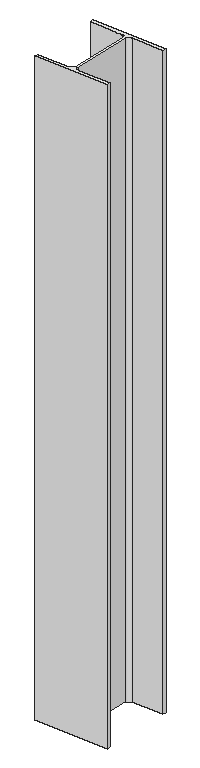
Revit family "UC-범용 기둥-기둥", category 구조 기둥, Revit 2026
Family settings
  단면 모양 = 정의되지 않음
  모델 동작 재료 = 스틸
  항상 형상으로 내보내기 = 아니오
  평면의 보 전환 = 경계 상자에서
  로드될 때 보이드를 사용하여 절단 = 아니오
  기호 표현 = 프로젝트 설정에서
  공유 = 아니오
  평면도에서 미리 절단된 패밀리 표시 = 예
Parameters (values of type "305x305x97UC")
  Assembly Code = ""
  Structural Material [instance] = 금속 - 스틸 - 345 MPa
  A = 0.012 m²
  Ix = 22250
  M = 96.9
  공칭 h = "305"
  Zx = 1445
  b = 305.3 mm
  h = 307.9 mm
  r = 15.2 mm
  s = 9.9 mm
  t = 15.4 mm
Reference planes
  plane 1: y = 0
  plane 2: z = 0
  plane 3: x = 0
  plane 4: x = -152.65
  plane 5: x = 152.65
  plane 6: y = 153.95
  plane 7: y = -153.95
  plane 8: x = -3.969
  plane 9: x = 3.969
Forms (mm)
  Extrusion 1, solid, material "금속 - 스틸 - 345 MPa" <- "Structural Material", detail levels medium
    sketch origin (0, 0, 0) x (1, 0, 0) y (0, 1, 0)
      loop
        line (-152.65, 153.95) -> (-152.65, 138.55) -> (-4.95, 138.55) -> (-4.95, -138.55) -> (-152.65, -138.55) -> (-152.65, -153.95) -> (152.65, -153.95) -> (152.65, -138.55) -> (4.95, -138.55) -> (4.95, 138.55) -> (152.65, 138.55) -> (152.65, 153.95) -> (-152.65, 153.95)
    from 0 to 2500
  Extrusion 2, solid, material "금속 - 스틸 - 345 MPa" <- "Structural Material", detail levels fine
    sketch origin (0, 0, 0) x (1, 0, 0) y (0, 1, 0)
      loop
        line (-152.65, 153.95) -> (-152.65, 138.55) -> (-20.15, 138.55)
        arc (-20.15, 138.55) -> (-9.402, 134.098) -> (-4.95, 123.35) r 15.2
        line (-4.95, 123.35) -> (-4.95, -123.35)
        arc (-4.95, -123.35) -> (-9.402, -134.098) -> (-20.15, -138.55) r 15.2
        line (-20.15, -138.55) -> (-152.65, -138.55) -> (-152.65, -153.95) -> (152.65, -153.95) -> (152.65, -138.55) -> (20.15, -138.55)
        arc (20.15, -138.55) -> (9.402, -134.098) -> (4.95, -123.35) r 15.2
        line (4.95, -123.35) -> (4.95, 123.35)
        arc (4.95, 123.35) -> (9.402, 134.098) -> (20.15, 138.55) r 15.2
        line (20.15, 138.55) -> (152.65, 138.55) -> (152.65, 153.95) -> (-152.65, 153.95)
    from 0 to 2500
Lines and regions (mm)
  symbolic lines, style "StructuralColumnStickSymbols", detail levels coarse
    curve 1: line (-152.65, 153.95, 0) -> (152.65, 153.95, 0)
    curve 2: line (-152.65, -153.95, 0) -> (152.65, -153.95, 0)
    curve 3: line (0, 153.95, 0) -> (0, -153.95, 0)
  symbolic lines, style "숨겨진 면", detail levels medium+fine
    curve 4: line (-3.969, 0, 0) -> (-3.969, 0, 2500)
    curve 5: line (3.969, 0, 2500) -> (3.969, 0, 0)
Dimensions and locks
  equal spacing: plane 4, plane 3, plane 5
  equal spacing: plane 7, plane 1, plane 6
  "h": plane 7 to plane 6
  "b": plane 4 to plane 5
  "t": plane 7 to Extrusion 1 sketch curve
  "t": Extrusion 1 sketch curve to plane 6
  equal spacing: Extrusion 1 sketch curve, plane 3, Extrusion 1 sketch curve
  "s": Extrusion 1 sketch curve to Extrusion 1 sketch curve
  "r": radius of Extrusion 2 sketch curve  (x4)
  aligned and locked: plane 6 to Extrusion 1 sketch curve
  aligned and locked: Extrusion 1 sketch curve to plane 7
  aligned and locked: Extrusion 1 sketch curve to plane 4  (x2)
  aligned and locked: plane 5 to Extrusion 1 sketch curve  (x2)
  aligned and locked: Extrusion 1 sketch curve to Extrusion 1 sketch curve  (x2)
  aligned and locked: level to Extrusion 1
  aligned and locked: level to plane 2
  aligned and locked: Extrusion 1 to plane 2
  aligned and locked: plane 6 to Extrusion 2 sketch curve
  aligned and locked: plane 5 to Extrusion 2 sketch curve  (x2)
  aligned and locked: Extrusion 2 sketch curve to plane 4  (x2)
  aligned and locked: Extrusion 2 sketch curve to Extrusion 1  (x6)
  aligned and locked: Extrusion 2 sketch curve to plane 7
  aligned and locked: level to Extrusion 2
  aligned and locked: Extrusion 2 to level
Automatic sketch dimensions
  curve 2 to plane 4 = 0 mm
  curve 1 to plane 4 = 0 mm
  curve 3 to plane 3 = 0 mm
  curve 2 to plane 5 = 0 mm
  curve 1 to plane 5 = 0 mm
  curve 3 to plane 7 = 0 mm
  curve 3 to plane 6 = 0 mm
  curve 4 to level = 0 mm  (x2)
  curve 4 to plane 8 = 0 mm
  curve 5 to level = 0 mm  (x2)
  curve 5 to plane 9 = 0 mm
